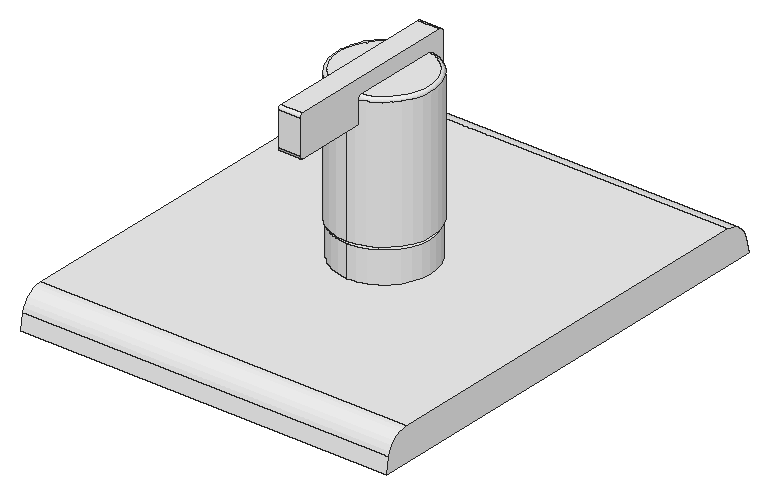
Revit family "Diverter-American_Standard-Time_Square-T184730.rfaxxxx", category Plumbing Fixtures, host Face, Revit 2019
Family settings
  Host = Face
  Round Connector Dimension = Use Diameter
  Part Type = Normal
  OmniClass Number = 23.65.55.14
  OmniClass Title = Valves for Liquid Services
  Cut with Voids When Loaded = No
  Shared = Yes
  Room Calculation Point = No
Parameters (values of type "T184730.002")
  Width = 6 11/16"
  Waste Connection = no
  WFU = 4
  Vent Connection = no
  Valve Visibility = if(R510 + R530 = 1/2", 1 = 1, if(R510 + R530 = 3/4", 1 = 1, 1 = 0))  # no
  URL = "https://www.americanstandard-us.com/"
  Type Comments = ""
  Trim Distance from Wall (min. 2"- 2 5/8") = 2"
  Trim Distance Constraint = if([Trim Distance from Wall (min. 2"- 2 5/8")] > 2 5/8", 2 5/8", if([Trim Distance from Wall (min. 2"- 2 5/8")] < 2", 2", [Trim Distance from Wall (min. 2"- 2 5/8")]))  # 2"
  Tempered Water Connection Diameter = if(R510 + R530 = 1/2", 1/2", if(R510 + R530 = 3/4", 3/4", 0"))  # 0"
  Tempered Water Connection Description = if(Tempered Water Connection Diameter = 1/2", "1/2-in Tempered Water Outlet Connection", if(Tempered Water Connection Diameter = 3/4", "3/4-in Tempered Water Outlet Connection", "N/A"))  # "N/A"
  Tempered Water Connection = yes
  R530 Rough Valve Body 3/4" NPT Inlets/Outlets (Sold Separately) = no
  R510 Rough Valve Body 1/2" NPT Inlets/Outlets (Sold Separately) = no
  Product Page URL = "https://www.americanstandard-us.com/Thermostatic-Valves-and-Trims/Time-Square-Single-Handle-Thermostatic-Shower-Valve-Trim-Kit/CHROME-T184730002"
  Product Documentation Link = "https://americanstandard.box.com/shared/static/pu95m56ufl1b80a8xaolv3vy52ewg15h.pdf"
  Price = "Prices may vary. Please consult Manufacturer Representative for most up-to-date price list."  # constant formula
  Model = "T184730.002"
  Maximum Temperature = "104 to109°F"
  Material = "Cast Brass-American Standard-002-Polished Chrome"
  Manufacturer = "American Standard"
  Lever Handle = not(Cross Handle)  # yes
  Installation Type = "Wall Mounted"
  InletOutlet Radius = C / 2  # 1/4"
  Hot Water Connection Diameter = if(R510 + R530 = 1/2", 1/2", if(R510 + R530 = 3/4", 3/4", 0"))  # 0"
  Hot Water Connection Description = if(Hot Water Connection Diameter = 1/2", "1/2-in Hot Water Inlet Connection", if(Hot Water Connection Diameter = 3/4", "3/4-in Hot Water Inlet Connection", "N/A"))  # "N/A"
  Height = 8 1/4"
  HWFU = 3
  HW Connection = yes
  Finish = Cast Brass-American Standard-002-Polished Chrome
  Description = "Time Square® Single Handle Thermostatic Shower Valve Trim Kit"
  Default Elevation = 48"  # constant formula
  Cross Handle = no
  Creation Date = "10/18/2022"
  Compliance Certifications = "ASSE 1016, ASME A112.18.1 & CSA B125.1"
  Cold Water Connection Diameter = if(R510 + R530 = 1/2", 1/2", if(R510 + R530 = 3/4", 3/4", 0"))  # 0"
  Cold Water Connection Description = if(Cold Water Connection Diameter = 1/2", "1/2-in Cold Water Inlet Connection", if(Cold Water Connection Diameter = 3/4", "3/4-in Cold Water Inlet Connection", "N/A"))  # "N/A"
  CWFU = 3
  CW Connection = yes
  C = if([R530 Rough Valve Body 3/4" NPT Inlets/Outlets (Sold Separately)], 3/4", 1/2")  # 1/2"
  R530 = if([R530 Rough Valve Body 3/4" NPT Inlets/Outlets (Sold Separately)], 3/4", 0")  # 0"
  Assembly Code = "D2020300"
  R510 = if([R510 Rough Valve Body 1/2" NPT Inlets/Outlets (Sold Separately)], 1/2", 0")  # 0"
  ADA Compliant = yes
Reference planes (in)
  plane 1 "Center (Front/Back)": y = 0
  plane 2: z = 0
  plane 3 "Center (Left/Right)": x = 0
  plane 4: y = -1.6875
  plane 5: y = 1.6875
  plane 6: z = -3
  plane 7: x = -3.34375
  plane 8: x = 3.34375
  plane 9: y = 4.125
  plane 10: y = -4.125
  plane 11: z = -2
Forms (in)
  Revolve 1, solid, material "Metal-American Standard-Gold", visible <- "Valve Visibility"
    sketch origin (0, 0, 0) x (0, -1, 0) y (0, 0, -1)
      loop
        line (-0.5, 0) -> (0, 0) -> (0, 2) -> (-0.5, 2) -> (-0.5, 0)
      axis (0, 0) -> (0, 2)
    angle from 0 to 360
  Revolve 2, solid, material "Cast Brass-American Standard-002-Polished Chrome" <- "Finish"
    sketch origin (0, 0, 1.4638) x (0, 1, 0) y (0, 0, 1)
      loop
        line (0.87416, -0.24706) -> (0.87416, 2.12455)
        arc (0.87416, 2.12455) -> (0.85659, 2.16698) -> (0.81416, 2.18455) r 0.06
        line (0.81416, 2.18455) -> (0, 2.18455) -> (0, -0.87126) -> (0.84596, -0.87126) -> (0.84596, -0.30798) -> (0.3048, -0.30798) -> (0.3048, -0.24706) -> (0.87416, -0.24706)
      axis (0, 2.18455) -> (0, -0.87126)
    angle from 0 to 360
  Revolve 3, solid, material "Metal-American Standard-Gold", visible <- "Valve Visibility"
    sketch origin (0, 0, 0) x (0, 1, 0) y (0, 0, 1)
      loop
        line (0, -2.25) -> (0, -2) -> (-1.6875, -2) -> (-1.6875, -2.48085) -> (-1.31677, -2.48085) -> (-1.31677, -2.375) -> (1.6875, -2.375) -> (1.6875, -2.25) -> (0, -2.25)
      axis (-1.6875, -2) -> (1.6875, -2)
    angle from 0 to 360
  Revolve 4, solid, material "Metal-American Standard-Gold", visible <- "Valve Visibility"
    sketch origin (0, 0, 0) x (1, 0, 0) y (0, 0, 1)
      loop
        line (2.9375, -2.25) -> (-2.9375, -2.25) -> (-2.9375, -2.375) -> (2.9375, -2.375) -> (2.9375, -2.25)
      axis (-2.9375, -2) -> (2.9375, -2)
    angle from 0 to 360
  Revolve 5, solid, material "Metal-American Standard-Gold", visible <- "Valve Visibility"
    sketch origin (0, 0, 0) x (0, 1, 0) y (0, 0, 1)
      loop
        line (0.91638, -2.25) -> (-0.91638, -2.25) -> (-0.91638, -2.875)
        arc (-0.91638, -2.875) -> (-0.87977, -2.96339) -> (-0.79138, -3) r 0.125
        line (-0.79138, -3) -> (0.79138, -3)
        arc (0.79138, -3) -> (0.87977, -2.96339) -> (0.91638, -2.875) r 0.125
        line (0.91638, -2.875) -> (0.91638, -2.25)
      axis (-0.91638, -2) -> (0.91638, -2)
    angle from 0 to 360
  Extrusion 6, solid, material "Cast Brass-American Standard-002-Polished Chrome" <- "Finish"
    sketch origin (0, 0, 0) x (0, 1, 0) y (0, 0, 1)
      loop
        line (4.125, 0) -> (4.06894, 0.26375)
        arc (4.06894, 0.26375) -> (3.92414, 0.50004) -> (3.66292, 0.59254) r 0.41509
        line (3.66292, 0.59254) -> (-3.66292, 0.59254)
        arc (-3.66292, 0.59254) -> (-3.92414, 0.50004) -> (-4.06894, 0.26375) r 0.41509
        line (-4.06894, 0.26375) -> (-4.125, 0) -> (4.125, 0)
    from -3.34375 to 3.34375
  Extrusion 7, solid, material "Cast Brass-American Standard-002-Polished Chrome" <- "Finish"
    sketch origin (0, 0, 0) x (0, 1, 0) y (0, 0, 1)
      loop
        line (1.08537, 3.17261) -> (1.08537, 3.85591)
        arc (1.08537, 3.85591) -> (1.0678, 3.89834) -> (1.02537, 3.91591) r 0.06
        line (1.02537, 3.91591) -> (-2.10463, 3.91591)
        arc (-2.10463, 3.91591) -> (-2.14706, 3.89834) -> (-2.16463, 3.85591) r 0.06
        line (-2.16463, 3.85591) -> (-2.16463, 3.23261)
        arc (-2.16463, 3.23261) -> (-2.14706, 3.19019) -> (-2.10463, 3.17261) r 0.06
        line (-2.10463, 3.17261) -> (1.08537, 3.17261)
    from -0.2 to 0.2
Cuts and joins
  joined: Revolve 2, Extrusion 6, Extrusion 7
Lines and regions (in)
  Masking region 1, visible <- "Valve Visibility", detail levels medium+fine
    outline origin (0, 0, 0) x (1, 0, 0) y (0, 0, 1)
      loop
        line (0.50011, 0) -> (-0.50011, 0) -> (-0.50011, -1.13404)
        arc (-0.50011, -1.13404) -> (-0.75461, -1.34383) -> (-0.92702, -1.625) r 1
        line (-0.92702, -1.625) -> (-2.9375, -1.625) -> (-2.9375, -2.375) -> (-0.92702, -2.375)
        arc (-0.92702, -2.375) -> (0, -3) -> (0.92702, -2.375) r 1
        line (0.92702, -2.375) -> (2.9375, -2.375) -> (2.9375, -1.625) -> (0.92702, -1.625)
        arc (0.92702, -1.625) -> (0.75461, -1.34383) -> (0.50011, -1.13404) r 1
        line (0.50011, -1.13404) -> (0.50011, 0)
  Masking region 2
    outline origin (0, 0, 0) x (1, 0, 0) y (0, 0, 1)
      loop
        line (3.34375, 0.59254) -> (0.84596, 0.59254) -> (0.84596, 1.15582) -> (0.3058, 1.15582) -> (0.3058, 1.21674) -> (0.87416, 1.21674) -> (0.87416, 3.58835)
        arc (0.87416, 3.58835) -> (0.85659, 3.63077) -> (0.81416, 3.64835) r 0.06
        line (0.81416, 3.64835) -> (0.2, 3.64835) -> (0.2, 3.91591) -> (-0.2, 3.91591) -> (-0.2, 3.64835) -> (-0.81416, 3.64835)
        arc (-0.81416, 3.64835) -> (-0.85659, 3.63077) -> (-0.87416, 3.58835) r 0.06
        line (-0.87416, 3.58835) -> (-0.87416, 1.21674) -> (-0.3058, 1.21674) -> (-0.3058, 1.15582) -> (-0.84596, 1.15582) -> (-0.84596, 0.59254) -> (-3.34375, 0.59254) -> (-3.34375, 0) -> (3.34375, 0) -> (3.34375, 0.59254)
  symbolic lines, detail levels medium+fine
    curve 1: line (0.50011, 0, 0) -> (-0.5, 0, 0)
    curve 2: line (0.84596, 0, 0.59254) -> (-0.84596, 0, 0.59254)
    curve 3: line (0.3048, 0, 1.15582) -> (-0.3048, 0, 1.15582)
    curve 4: line (0.3058, 0, 1.21674) -> (-0.3048, 0, 1.21674)
    curve 5: line (0.2, 0, 3.17261) -> (0.2, 0, 3.64825)
    curve 6: line (-0.2, 0, 3.17261) -> (0.2, 0, 3.17261)
    curve 7: line (-0.2, 0, 3.64825) -> (-0.2, 0, 3.17261)
Dimensions and locks (in)
  equal spacing: plane 7, plane 3 "Center (Left/Right)", plane 8
  "Width": plane 7 to plane 8
  equal spacing: plane 9, plane 1 "Center (Front/Back)", plane 10
  "Height": plane 9 to plane 10
  locked: plane 11 to plane 6 at 1
  locked: Revolve 3 sketch curve to Revolve 3 sketch curve at 3.375
  equal spacing: Revolve 3 sketch curve, plane 1 "Center (Front/Back)", Revolve 3 sketch curve
  locked: Revolve 4 sketch curve to Revolve 4 sketch curve at 5.875
  locked: Revolve 4 sketch curve to Revolve 4 sketch curve at 0.125
  "InletOutlet Radius": Revolve 4 sketch curve to plane 11
  Revolve 3 sketch curve to Revolve 3 sketch curve to Revolve 3 sketch curve = 1/8" locked, 0.10585" locked
  "InletOutlet Radius": plane 11 to Revolve 3 sketch curve
  "InletOutlet Radius": plane 11 to Revolve 5 sketch curve
  locked: Extrusion 7 to Extrusion 7 at 3.25
  "Trim Distance Constraint": level to plane 11
  plane 5 to plane 4 = 3 3/8"
  equal spacing: Revolve 4 sketch curve, plane 3 "Center (Left/Right)", Revolve 4 sketch curve
  Revolve 4 to Revolve 4 = 5 7/8"
  aligned and locked: plane 2 to host face
  aligned and locked: plane 11 to Revolve 3 sketch curve
  aligned and locked: plane 11 to Revolve 4 sketch curve
  aligned and locked: plane 6 to Revolve 5 sketch curve
  aligned and locked: plane 11 to Revolve 5 sketch curve
  aligned and locked: plane 11 to Revolve 1 sketch curve
  aligned and locked: Revolve 3 sketch curve to plane 11
  aligned and locked: Revolve 1 sketch curve to plane 1 "Center (Front/Back)"
  aligned and locked: Revolve 4 to Masking region 1 sketch curve  (x4)
Automatic sketch dimensions
  host sketch curve to host sketch curve = 39.95256"
  host sketch curve to host sketch curve = 45.00533"
  Revolve 1 sketch curve to level = 0"
  Revolve 1 sketch curve to plane 4 = 2 3/16"
  Revolve 1 sketch curve to Revolve 1 sketch curve = 1/2"  (x2)
  Revolve 1 sketch curve to Revolve 1 sketch curve = 4.28022"
  plane 7 to Revolve 4 sketch curve = 1.32734"
  Revolve 4 sketch curve to Revolve 4 sketch curve = 0.61016"
  plane 1 "Center (Front/Back)" to Revolve 5 sketch curve = 0.91638"
  Revolve 5 sketch curve to Revolve 5 sketch curve = 1/8"
  plane 6 to Revolve 5 sketch curve = 1/8"
  Revolve 5 sketch curve to plane 1 "Center (Front/Back)" = 0.79138"
  plane 4 to Revolve 5 sketch curve = 0.67271"
  Revolve 5 sketch curve to Revolve 5 sketch curve = 0.63979"
  plane 10 to Revolve 3 sketch curve = 1/16"
  Revolve 3 sketch curve to plane 10 = 11/16"
  Revolve 3 sketch curve to plane 1 "Center (Front/Back)" = 0"
  Revolve 3 sketch curve to Revolve 3 sketch curve = 0.37073"
  Extrusion 6 sketch curve to plane 9 = 0"
  plane 10 to Extrusion 6 sketch curve = 0.05606"
  level to Extrusion 6 sketch curve = 0.17745"  (x2)
  Extrusion 6 sketch curve to Extrusion 6 sketch curve = 0.40602"
  Extrusion 6 sketch curve to plane 9 = 0.05606"
  level to Extrusion 6 sketch curve = 0.26375"  (x2)
  Extrusion 6 sketch curve to plane 10 = 0"
  Extrusion 6 sketch curve to level = 0"
  Revolve 2 sketch curve to plane 1 "Center (Front/Back)" = 0"  (x2)
  Revolve 2 sketch curve to plane 1 "Center (Front/Back)" = 0.3048"
  Revolve 2 sketch curve to plane 1 "Center (Front/Back)" = 0.81416"
  Revolve 2 sketch curve to Revolve 2 sketch curve = 0.54116"
  Revolve 2 sketch curve to Revolve 2 sketch curve = 0.02821"
  level to Revolve 2 sketch curve = 1.21674"
  Revolve 2 sketch curve to Revolve 2 sketch curve = 0.06092"
  level to Revolve 2 sketch curve = 0.59254"
  Revolve 2 sketch curve to Revolve 2 sketch curve = 0.42224"
  plane 4 to Extrusion 7 sketch curve = 0.47713"
  Extrusion 7 sketch curve to Extrusion 7 sketch curve = 0.06"  (x3)
  Extrusion 7 sketch curve to plane 5 = 0.66213"
  Extrusion 7 sketch curve to Extrusion 7 sketch curve = 0.6233"
  Revolve 2 sketch curve to Revolve 2 sketch curve = 2.37161"
  Revolve 2 sketch curve to Revolve 2 sketch curve = 2.51847"
  level to Extrusion 7 sketch curve = 3.17261"
  Masking region 1 sketch curve to Masking region 1 sketch curve = 0"  (x4)
  Masking region 1 sketch curve to plane 3 "Center (Left/Right)" = 0"
  Masking region 1 sketch curve to level = 0"
  Masking region 1 sketch curve to plane 11 = 0"
  Masking region 1 sketch curve to plane 7 = 13/32"
  Masking region 1 sketch curve to plane 3 "Center (Left/Right)" = 0.92702"  (x2)
  Masking region 1 sketch curve to plane 3 "Center (Left/Right)" = 0.50011"
  Masking region 1 sketch curve to Masking region 1 sketch curve = 0.42692"
  Masking region 1 sketch curve to plane 8 = 13/32"
  curve 1 to level = 0"
  curve 7 to plane 3 "Center (Left/Right)" = 0.2"
  level to curve 7 = 3.17261"
  curve 3 to plane 3 "Center (Left/Right)" = 0.3048"
  curve 4 to curve 3 = 0"
  curve 1 to plane 3 "Center (Left/Right)" = 1/2"
  curve 2 to curve 1 = 0.34596"
  plane 3 "Center (Left/Right)" to curve 3 = 0.3048"
  curve 3 to curve 4 = 0.00101"
  plane 3 "Center (Left/Right)" to curve 1 = 0.50011"
  curve 1 to curve 2 = 0.34585"
  level to curve 2 = 0.59254"
  curve 2 to curve 3 = 0.56328"
  curve 3 to curve 4 = 0.06092"
  plane 3 "Center (Left/Right)" to curve 5 = 0.2"
  curve 6 to curve 7 = 0.47564"
  curve 5 to curve 7 = 0"
  plane 3 "Center (Left/Right)" to Masking region 1 sketch curve = 0.50011"
  Masking region 2 sketch curve to level = 0"
  plane 7 to Masking region 2 sketch curve = 0"
  Masking region 2 sketch curve to plane 8 = 0"
  Masking region 2 sketch curve to plane 3 "Center (Left/Right)" = 0.87416"
  Masking region 2 sketch curve to Masking region 2 sketch curve = 0.02821"  (x2)
  Masking region 2 sketch curve to Masking region 2 sketch curve = 0.06"  (x2)
  Masking region 2 sketch curve to plane 3 "Center (Left/Right)" = 0.3058"
  Masking region 2 sketch curve to plane 3 "Center (Left/Right)" = 0.2"
  plane 3 "Center (Left/Right)" to Masking region 2 sketch curve = 0.2"
  plane 3 "Center (Left/Right)" to Masking region 2 sketch curve = 0.3058"
  Masking region 2 sketch curve to Masking region 2 sketch curve = 0.61416"
  Masking region 2 sketch curve to Masking region 2 sketch curve = 0.54015"
  level to Masking region 2 sketch curve = 0.59254"  (x2)
  Masking region 2 sketch curve to Masking region 2 sketch curve = 0.56328"
  Masking region 2 sketch curve to Masking region 2 sketch curve = 0"
  Masking region 2 sketch curve to Masking region 2 sketch curve = 0.06092"  (x2)
  Masking region 2 sketch curve to Masking region 2 sketch curve = 2.37161"
  Masking region 2 sketch curve to Masking region 2 sketch curve = 0.26756"
Connectors (in)
  piping at (-2.9375, 0, -2), driven by "Hot Water Connection Diameter", driven by "Hot Water Connection Description", driven by "HWFU"
    settings: on Revolve 4, index 2, connector diameter 0", connector inside diameter 24", connector length 0", flow factor 0, pipe flow 0 GPM, pressure drop 0.00 psi, fitting loss kfactor 0, connector angle 0.00°, fixture units 3, engagement length 0", angle of deflection 0.00°, flow configuration 3, flow direction 1, fitting loss method 0, system type 19, joint type 0, gender type 0, connector reference index -1, connector utility 0, adjustable connector no, is connector primary yes, connector description "N/A"
  piping at (2.9375, 0, -2), driven by "Cold Water Connection Diameter", driven by "Cold Water Connection Description", driven by "CWFU"
    settings: on Revolve 4, index 3, connector diameter 0", connector inside diameter 24", connector length 0", flow factor 0, pipe flow 0 GPM, pressure drop 0.00 psi, fitting loss kfactor 0, connector angle 0.00°, fixture units 3, engagement length 0", angle of deflection 0.00°, flow configuration 3, flow direction 1, fitting loss method 0, system type 20, joint type 0, gender type 0, connector reference index -1, connector utility 0, adjustable connector no, is connector primary no, connector description "N/A"
  piping at (0, 1.6875, -2), driven by "Tempered Water Connection Diameter", driven by "Tempered Water Connection Description"
    settings: on Revolve 3, index 4, connector diameter 0", connector inside diameter 24", connector length 0", flow factor 0, pipe flow 0 GPM, pressure drop 0.00 psi, fitting loss kfactor 0, connector angle 0.00°, fixture units 0, engagement length 0", angle of deflection 0.00°, flow configuration 0, flow direction 2, fitting loss method 0, system type 29, joint type 0, gender type 0, connector reference index -1, connector utility 0, adjustable connector no, is connector primary no, connector description "N/A"
